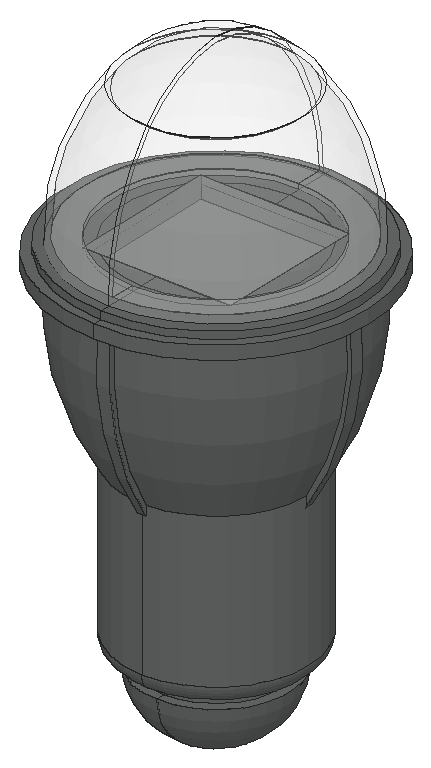
Revit family "MET30", category Lighting Fixtures, host Face, Revit 2012
Parameters (values of type "Basic Black Textured")
  Watts = 136 W
  Wattage Comments = "55-136 W"  # constant formula
  Wattage = 55 W
  built-in parameter 1150110 = 1 (stored number, unit not read)
  Voltage = 120 V  # constant formula
  URL = "http://www.beaconproducts.com/"
  built-in parameter 1114217 = 1 (stored number, unit not read)
  Tilt Angle = -90.00°
  built-in parameter 1150109 = 1 (stored number, unit not read)
  built-in parameter 1150134 = 2
  built-in parameter 1150113 = 1 (stored number, unit not read)
  Product Page URL = "http://www.beaconproducts.com/products/metropolis"
  Product Documentation Link = "http://www.beaconproducts.com/content/products/specs/specs_files/MET_30_LED_spec_sheet.pdf"
  Photometric Web File = "generic"
  built-in parameter 1150142 = (empty or 0)
  Model = "Metropolis"  # constant formula
  Style Option [instance] = Metropolis Style : DEF
  Manufacturer Phone = "800-345-4928"  # constant formula
  Manufacturer Fax = "941-751-5535"  # constant formula
  Manufacturer = "Beacon Lighting"  # constant formula
  built-in parameter 1150105 = 650.13 (stored number, unit not read)
  Lumens = 8169.81 lm
  built-in parameter 1150115 = 1 (stored number, unit not read)
  built-in parameter 1150137 = (empty or 0)
  built-in parameter 1150139 = (empty or 0)
  Light Bulb Material = Hubbell - Glass
  built-in parameter 1150112 = 1 (stored number, unit not read)
  built-in parameter 1150114 = 1 (stored number, unit not read)
  Lamp = "LED"  # constant formula
  built-in parameter 1150132 = (empty or 0)
  built-in parameter 1150102 = (empty or 0)
  built-in parameter 1150107 = 5000 (stored number, unit not read)
  built-in parameter 1150138 = (empty or 0)
  built-in parameter 1150106 = 6.5013 (stored number, unit not read)
  Finish = Paint - Hubbell - Basic Black Textured
  built-in parameter 1150104 = 13.8 (stored number, unit not read)
  Dimming Lamp Color Temperature Shift = <None>
  Description = "30” Metropolis Luminaire"  # constant formula
  Default Elevation = 48"
  Color Filter = 16777215
  built-in parameter 1114218 = 1 (stored number, unit not read)
  built-in parameter 1150133 = 10 (stored number, unit not read)
  Apparent Load = 0 VA
Types (13): name | Style Option | Finish
  (no name) | Metropolis Style : DEF | Paint - Hubbell - Basic Black Textured
  Basic Black Textured | Metropolis Style : DEF | Paint - Hubbell - Basic Black Textured
  Black Matte Textured | Metropolis Style : DEF | Paint - Hubbell - Black Matte Textured
  Bronze Textured | Metropolis Style : DEF | Paint - Hubbell - Bronze Textured
  Dark Bronze Textured | Metropolis Style : DPF | Paint - Hubbell - Dark Bronze Textured
  Dark Platinum Smooth | Metropolis Style : DEF | Paint - Hubbell - Dark Platinum Smooth
  Gray Smooth | Metropolis Style : DPF | Paint - Hubbell - Gray Smooth
  Green Textured | Metropolis Style : DEF | Paint - Hubbell - Green Textured
  Metallic Bronze Textured | Metropolis Style : DEF | Paint - Hubbell - Metallic Bronze Textured
  Metallic Silver Textured | Metropolis Style : DEF | Paint - Hubbell - Metallic Silver Textured
  Metallic Titanium Textured | Metropolis Style : DEF | Paint - Hubbell - Metallic Titanium Textured
  Old World Iron | Metropolis Style : DEF | Paint - Hubbell - Old World Iron
  White Texture | Metropolis Style : DEF | Paint - Hubbell - White Texture
Reference planes (in)
  plane 1 "Center (Front/Back)": y = 0.03999
  plane 2: z = 0
  plane 3 "Center (Left/Right)": x = 0.00649
Dimensions and locks (in)
  host sketch curve to plane 1 "Center (Front/Back)" to host sketch curve = 48.03999", 47.96001"
  host sketch curve to plane 3 "Center (Left/Right)" to host sketch curve = 48.00649", 47.99351"
  aligned and locked: plane 2 to host face
  aligned and locked: level to host face
  aligned and locked: plane 1 "Center (Front/Back)" to nested 1
  aligned and locked: plane 3 "Center (Left/Right)" to nested 1
  aligned and locked: imposter light to nested 1  (x2)
  aligned and locked: plane 3 "Center (Left/Right)" to imposter light
Nested families (in)
  nested 1: "Metropolis Style" at (-1.66295, 0, 0), type <- "Style Option", Finish <- "Finish", type "DEF"
    with Finish Paint - Hubbell - Basic Black Textured
Connectors (in)
  electrical at (0.00649, 0.03999, 0), driven by "Voltage", driven by "Apparent Load"
    settings: on nested 1, index 1, voltage 120 V, apparent load 0 VA, apparent load phase1 0 VA, apparent load phase2 0 VA, apparent load phase3 0 VA, power factor 1, load classification "Other", number of poles 1, system type 30, power factor state 1, is connector primary yes, connector utility no, sub classification motor no, connector description "Lighting Connector"
Definition of nested family "Metropolis Style"
  Parameters (values of type "SHA")
    Wattage Comments = ""
    Voltage = ""
    URL = "http://www.beaconproducts.com/"
    SHA = yes
    Product Page URL = ""
    Product Documentation Link = ""
    Nominal Watts = 0 W
    Model = ""
    Manufacturer Phone = "800-345-4928"  # constant formula
    Manufacturer Fax = "941-751-5535"  # constant formula
    Manufacturer = "Beacon Lighting"  # constant formula
    Lense = no
    Lamp = ""
    Glass = Hubbell - Glass
    Finish [instance] = Hubbell - Basic Black Textured
    Description = "Orbeon is a commercial grade LED parking garage and canopy downlight which utilizes high powered LEDs, precise efficient optical control, and features\r\napplication versatility through integrated intelligent control options."
    Default Elevation = 48"
    DPF = no
    DEF = no
    Apparent Load = 0 VA
  Types (3): name | SHA | Lense | DPF | DEF
    SHA | yes | no | no | no
    DPF | no | yes | yes | no
    DEF | no | yes | no | yes
  Reference planes (in)
    plane 1 "Center (Front/Back)": y = 0.03999
    plane 2: z = 0
    plane 3 "Center (Left/Right)": x = 1.66944
    plane 4: y = 13.28999
    plane 5: y = -13.21001
    plane 6: z = 26.6
    plane 7: z = 33.6
    plane 8: z = 22.6
    plane 9: z = 4
    plane 10: z = 13.25
    plane 11: y = 7.28999
    plane 12: y = -7.21001
    plane 13: y = 5.03999
    plane 14: y = -4.96001
    plane 15: x = -2.33056
    plane 16: x = 5.66944
    plane 17: y = 4.03999
    plane 18: y = -3.96001
  Forms (in)
    Extrusion 1, solid
      sketch origin (0, 0, 0.06357) x (1, 0, 0) y (0, 1, 0)
        loop
          line (-48, 48) -> (-48, -48) -> (48, -48) -> (48, 48) -> (-48, 48)
      from -0.06357 to -17.74365
    Revolve 2, solid, material "Hubbell - Basic Black Textured" <- "Finish"
      sketch origin (1.66944, 0, 0) x (0, 1, 0) y (0, 0, 1)
        loop
          line (0.03999, 0) -> (0.03999, 23.74047) -> (-4.96001, 23.74047) -> (-7.71001, 23.74047) -> (-7.71001, 23.33357) -> (-8.21001, 23.33357) -> (-8.21001, 22.6) -> (-7.21001, 22.6)
          arc (-7.21001, 22.6) -> (-6.89532, 17.73001) -> (-4.96001, 13.25) r 14.28772
          line (-4.96001, 13.25) -> (-4.96001, 5)
          arc (-4.96001, 5) -> (-4.66712, 4.29289) -> (-3.96001, 4) r 1
          line (-3.96001, 4) -> (-3.4377, 4) -> (-3.4377, 3.35711) -> (-2.37704, 3.35711) -> (-1.87704, 2.85711) -> (-0.90069, 2.85711) -> (-0.90069, 0) -> (0.03999, 0)
        axis (0.03999, 23.74047) -> (0.03999, 0)
      angle from 0 to 360
    Extrusion 3, void
      sketch origin (0, 0, 0) x (1, 0, 0) y (0, 1, 0)
        loop
          line (-2.33056, 4.03999) -> (-2.33056, -3.96001) -> (5.66944, -3.96001) -> (5.66944, 4.03999) -> (-2.33056, 4.03999)
      from 22.6 to 23.74047
    Extrusion 4, solid, material "Hubbell - Glass" <- "Glass"
      sketch origin (0, 0, 0) x (1, 0, 0) y (0, 1, 0)
        loop
          line (5.66944, 4.03999) -> (-2.33056, 4.03999) -> (-2.33056, -3.96001) -> (5.66944, -3.96001) -> (5.66944, 4.03999)
      from 23.33357 to 23.74047
    Revolve 5, solid, material "Hubbell - Basic Black Textured" <- "Finish", visible <- "SHA"
      sketch origin (1.66944, 0, 0) x (0, 1, 0) y (0, 0, 1)
        loop
          line (7.28999, 22.6) -> (9.97819, 22.6) -> (12.82885, 26.40089) -> (13.28999, 26.40089) -> (13.28999, 26.6) -> (12.97819, 26.6) -> (12.60319, 26.6) -> (9.82819, 22.9) -> (7.28999, 22.9) -> (7.28999, 22.6)
        axis (0.03999, 26.6) -> (0.03999, 22.6)
      angle from 0 to 360
    Revolve 6, solid, material "Hubbell - Glass" <- "Glass", visible <- "Lense"
      sketch origin (1.66944, 0, 0) x (0, 1, 0) y (0, 0, 1)
        loop
          arc (-4.62891, 31.311) -> (-6.62476, 27.7662) -> (-7.21001, 23.74047) r 11.10425
          line (-7.21001, 23.74047) -> (-5.56831, 23.74047) -> (-5.56831, 24.04047) -> (-6.91789, 24.04047)
          arc (-6.91789, 24.04047) -> (-6.29381, 27.80431) -> (-4.40043, 31.11657) r 10.80425
          arc (-4.40043, 31.11657) -> (-2.40173, 32.65862) -> (0.03999, 33.29954) r 6.34644
          line (0.03999, 33.29954) -> (0.03999, 33.6)
          arc (0.03999, 33.6) -> (-2.5276, 32.93103) -> (-4.62891, 31.311) r 6.64644
        axis (0.03999, 33.6) -> (0.03999, 23.74047)
      angle from 0 to 360
    Revolve 7, solid, material "Hubbell - Basic Black Textured" <- "Finish", visible <- "DPF"
      sketch origin (1.66944, 0, 0) x (0, 1, 0) y (0, 0, 1)
        loop
          line (1.95703, 2.85711) -> (0.98068, 2.85711) -> (0.98068, 0) -> (1.95703, 0) -> (1.95703, 2.85711)
        axis (0.03999, 2.85711) -> (0.03999, 0)
      angle from 0 to 360
    Revolve 8, solid, material "Hubbell - Basic Black Textured" <- "Finish", visible <- "DEF"
      sketch origin (1.66944, 0, 0) x (0, 1, 0) y (0, 0, 1)
        loop
          line (0.03999, 3.35711) -> (0.03999, 0) -> (0.98068, 0)
          arc (0.98068, 0) -> (3.08173, 1.15785) -> (4.03999, 3.35711) r 3.72223
          line (4.03999, 3.35711) -> (0.03999, 3.35711)
        axis (0.03999, 3.35711) -> (0.03999, 0)
      angle from 0 to 360
    Revolve 9, solid, material "Hubbell - Basic Black Textured" <- "Finish"
      sketch origin (0, 0.03999, 0) x (1, 0, 0) y (0, 0, 1)
        loop
          arc (8.91944, 22.6) -> (8.60482, 17.72999) -> (6.66944, 13.25) r 14.28657
          line (6.66944, 13.25) -> (6.66944, 12.71466)
          arc (6.66944, 12.71466) -> (8.83839, 17.4268) -> (9.22114, 22.6) r 14.58657
          line (9.22114, 22.6) -> (8.91944, 22.6)
        axis (1.66944, 12.71466) -> (1.66944, 22.6)
      angle from -2.5 to 2.5
    Revolve 10, solid, material "Hubbell - Basic Black Textured" <- "Finish"
      sketch origin (1.66944, -1.62945, 0) x (0, 1, 0) y (0, 0, 1)
        loop
          arc (8.91944, 22.6) -> (8.60482, 17.72999) -> (6.66944, 13.25) r 14.28657
          line (6.66944, 13.25) -> (6.66944, 12.71466)
          arc (6.66944, 12.71466) -> (8.83839, 17.4268) -> (9.22114, 22.6) r 14.58657
          line (9.22114, 22.6) -> (8.91944, 22.6)
        axis (1.66944, 12.71466) -> (1.66944, 22.6)
      angle from -2.5 to 2.5
    Revolve 11, solid, material "Hubbell - Basic Black Textured" <- "Finish"
      sketch origin (3.33889, 0.03999, 0) x (-1, 0, 0) y (0, 0, 1)
        loop
          arc (8.91944, 22.6) -> (8.60482, 17.72999) -> (6.66944, 13.25) r 14.28657
          line (6.66944, 13.25) -> (6.66944, 12.71466)
          arc (6.66944, 12.71466) -> (8.83839, 17.4268) -> (9.22114, 22.6) r 14.58657
          line (9.22114, 22.6) -> (8.91944, 22.6)
        axis (1.66944, 12.71466) -> (1.66944, 22.6)
      angle from -2.5 to 2.5
    Revolve 12, solid, material "Hubbell - Basic Black Textured" <- "Finish"
      sketch origin (1.66944, 1.70943, 0) x (0, -1, 0) y (0, 0, -1)
        loop
          line (8.91944, -22.6) -> (9.22114, -22.6)
          arc (9.22114, -22.6) -> (8.83839, -17.4268) -> (6.66944, -12.71466) r 14.58657
          line (6.66944, -12.71466) -> (6.66944, -13.25)
          arc (6.66944, -13.25) -> (8.60482, -17.72999) -> (8.91944, -22.6) r 14.28657
        axis (1.66944, -12.71466) -> (1.66944, -22.6)
      angle from -2.5 to 2.5
  Cuts and joins
    Extrusion 3 cuts Revolve 2
    joined: Revolve 2, Revolve 9, Revolve 10, Revolve 11, Revolve 12
  Dimensions and locks (in)
    equal spacing: plane 4, plane 1 "Center (Front/Back)", plane 5
    locked: plane 4 to plane 1 "Center (Front/Back)" at 13.25
    locked: plane 6 to plane 2 at 26.6
    locked: plane 7 to plane 6 at 7
    locked: plane 6 to plane 8 at 4
    locked: plane 9 to plane 2 at 4
    equal spacing: plane 11, plane 1 "Center (Front/Back)", plane 12
    locked: plane 11 to plane 1 "Center (Front/Back)" at 7.25
    equal spacing: plane 13, plane 1 "Center (Front/Back)", plane 14
    equal spacing: plane 15, plane 3 "Center (Left/Right)", plane 16
    locked: plane 15 to plane 3 "Center (Left/Right)" at 4
    equal spacing: plane 17, plane 1 "Center (Front/Back)", plane 18
    locked: plane 17 to plane 1 "Center (Front/Back)" at 4
    aligned and locked: plane 2 to Extrusion 1
    aligned and locked: level to Extrusion 1
    aligned and locked: plane 1 "Center (Front/Back)" to Revolve 2 sketch curve
    aligned and locked: Revolve 2 sketch curve to Revolve 2 sketch curve
    aligned and locked: Revolve 2 sketch curve to level
    aligned and locked: Extrusion 3 sketch curve to plane 17
    aligned and locked: plane 15 to Extrusion 3 sketch curve
    aligned and locked: plane 18 to Extrusion 3 sketch curve
    aligned and locked: Extrusion 3 sketch curve to plane 16
    aligned and locked: Extrusion 3 to Revolve 2
    aligned and locked: Extrusion 3 to plane 8
    aligned and locked: Extrusion 4 sketch curve to cut or joined group of Revolve 2, Extrusion 3, Revolve 9, Revolve 10, Revolve 11, Revolve 12  (x4)
    aligned and locked: Extrusion 4 to cut or joined group of Revolve 2, Extrusion 3, Revolve 9, Revolve 10, Revolve 11, Revolve 12
    aligned and locked: cut or joined group of Revolve 2, Extrusion 3, Revolve 9, Revolve 10, Revolve 11, Revolve 12 to Extrusion 4
    aligned and locked: plane 1 "Center (Front/Back)" to Revolve 5 sketch curve
    aligned and locked: Revolve 5 sketch curve to plane 11
    aligned and locked: plane 1 "Center (Front/Back)" to Revolve 6 sketch curve
    aligned and locked: Revolve 7 sketch curve to cut or joined group of Revolve 2, Extrusion 3, Revolve 9, Revolve 10, Revolve 11, Revolve 12  (x3)
    aligned and locked: cut or joined group of Revolve 2, Extrusion 3, Revolve 9, Revolve 10, Revolve 11, Revolve 12 to Revolve 7 sketch curve
    aligned and locked: plane 1 "Center (Front/Back)" to Revolve 7 sketch curve
    aligned and locked: plane 1 "Center (Front/Back)" to Revolve 8 sketch curve  (x2)
    aligned and locked: plane 3 "Center (Left/Right)" to Revolve 9 sketch curve
  Automatic sketch dimensions
    Extrusion 1 sketch curve to Extrusion 1 sketch curve = 96"  (x2)
    Revolve 2 sketch curve to plane 8 = 0"
    Revolve 2 sketch curve to plane 12 = 0"
    Revolve 2 sketch curve to plane 14 = 0"  (x2)
    Revolve 2 sketch curve to plane 10 = 0"
    Revolve 2 sketch curve to plane 9 = 0"
    Revolve 2 sketch curve to plane 18 = 0"
    plane 12 to Revolve 2 sketch curve = 1/2"
    Revolve 2 sketch curve to Revolve 2 sketch curve = 1/2"  (x2)
    plane 18 to Revolve 2 sketch curve = 0.52231"
    Revolve 2 sketch curve to Revolve 2 sketch curve = 1.06066"
    Revolve 2 sketch curve to Revolve 2 sketch curve = 0.94069"
    plane 11 to Revolve 2 sketch curve = 0.29414"
    Revolve 2 sketch curve to Revolve 2 sketch curve = 15.4"
    Revolve 2 sketch curve to plane 9 = 1.14289"
    Revolve 2 sketch curve to plane 9 = 0.64289"
    plane 8 to Revolve 2 sketch curve = 0.73357"
    plane 8 to Revolve 2 sketch curve = 1.14047"
    plane 7 to Revolve 2 sketch curve = 8"
    Revolve 5 sketch curve to plane 8 = 0"
    Revolve 5 sketch curve to plane 6 = 0"
    Revolve 5 sketch curve to plane 4 = 0"
    plane 8 to Revolve 5 sketch curve = 0.3"
    Revolve 5 sketch curve to Revolve 5 sketch curve = 2.5382"
    Revolve 5 sketch curve to Revolve 5 sketch curve = 0.15"
    Revolve 5 sketch curve to Revolve 5 sketch curve = 0.6868"
    Revolve 5 sketch curve to plane 6 = 0.19911"
    Revolve 5 sketch curve to Revolve 5 sketch curve = 0.22566"
    Revolve 5 sketch curve to Revolve 5 sketch curve = 0.14934"
    plane 10 to Revolve 5 sketch curve = 1.85"
    Revolve 5 sketch curve to plane 7 = 2 1/4"
    Revolve 6 sketch curve to Revolve 6 sketch curve = 0"  (x4)
    Revolve 6 sketch curve to plane 12 = 0"
    Revolve 6 sketch curve to plane 1 "Center (Front/Back)" = 0"
    Revolve 6 sketch curve to plane 7 = 0"
    Revolve 6 sketch curve to plane 12 = 0.29212"
    plane 14 to Revolve 6 sketch curve = 0.6083"
    Revolve 6 sketch curve to plane 14 = 0.3311"
    Revolve 6 sketch curve to Revolve 6 sketch curve = 0.22848"
    Revolve 6 sketch curve to plane 1 "Center (Front/Back)" = 0.35823"
    Revolve 6 sketch curve to plane 17 = 0.15457"
    Revolve 6 sketch curve to Revolve 6 sketch curve = 0.30046"
    Revolve 6 sketch curve to Revolve 6 sketch curve = 1.69954"
    Revolve 6 sketch curve to Revolve 6 sketch curve = 0.289"
    Revolve 6 sketch curve to Revolve 6 sketch curve = 2.78036"
    level to Revolve 6 sketch curve = 0.6"
    Revolve 7 sketch curve to level = 0.51189"
    plane 9 to Revolve 7 sketch curve = 0.98811"
    Revolve 8 sketch curve to level = 0"
    Revolve 8 sketch curve to plane 17 = 0"
    Revolve 8 sketch curve to plane 1 "Center (Front/Back)" = 0.29053"
    Revolve 8 sketch curve to Revolve 8 sketch curve = 0.94069"
    Revolve 8 sketch curve to plane 9 = 0.64289"
    plane 9 to Revolve 8 sketch curve = 3"
    Revolve 8 sketch curve to plane 10 = 2"
    Revolve 9 sketch curve to Revolve 9 sketch curve = 0"  (x2)
    Revolve 9 sketch curve to plane 10 = 0"
    Revolve 9 sketch curve to plane 8 = 0"
    Revolve 9 sketch curve to plane 15 = 2.95467"
    Revolve 9 sketch curve to plane 10 = 0.53534"
    plane 16 to Revolve 9 sketch curve = 1"
    plane 16 to Revolve 9 sketch curve = 3 1/4"
    Revolve 9 sketch curve to level = 1.4"
    Revolve 9 sketch curve to Revolve 9 sketch curve = 6 3/4"
    Revolve 10 sketch curve to Revolve 10 sketch curve = 0"  (x2)
    Revolve 10 sketch curve to plane 1 "Center (Front/Back)" = 0"
    Revolve 10 sketch curve to plane 13 = 0"
    Revolve 10 sketch curve to plane 8 = 0"
    Revolve 10 sketch curve to plane 11 = 0"
    Revolve 10 sketch curve to plane 10 = 0"
    Revolve 10 sketch curve to plane 12 = 0.29533"
    Revolve 10 sketch curve to plane 11 = 0.30169"
    Revolve 10 sketch curve to level = 1.4"
    Revolve 10 sketch curve to Revolve 10 sketch curve = 6 3/4"
    Revolve 11 sketch curve to Revolve 11 sketch curve = 0"  (x2)
    Revolve 11 sketch curve to plane 3 "Center (Left/Right)" = 0"
    Revolve 11 sketch curve to plane 10 = 0"
    Revolve 11 sketch curve to plane 8 = 0"
    plane 16 to Revolve 11 sketch curve = 2.95467"
    Revolve 11 sketch curve to plane 10 = 0.53534"
    Revolve 11 sketch curve to plane 15 = 1"
    Revolve 11 sketch curve to plane 15 = 3 1/4"
    Revolve 11 sketch curve to level = 1.4"
    Revolve 11 sketch curve to Revolve 11 sketch curve = 6 3/4"
    Revolve 12 sketch curve to Revolve 12 sketch curve = 0"  (x2)
    Revolve 12 sketch curve to plane 1 "Center (Front/Back)" = 0"
    Revolve 12 sketch curve to plane 14 = 0"
    Revolve 12 sketch curve to plane 8 = 0"
    Revolve 12 sketch curve to plane 12 = 0"
    Revolve 12 sketch curve to plane 10 = 0"
    plane 11 to Revolve 12 sketch curve = 0.29533"
    plane 12 to Revolve 12 sketch curve = 0.30169"
    Revolve 12 sketch curve to level = 1.4"
    Revolve 12 sketch curve to Revolve 12 sketch curve = 6 3/4"
